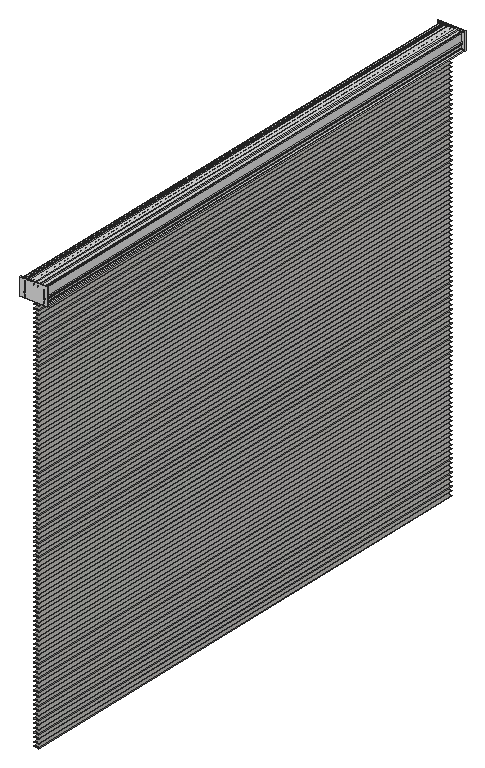
Revit family "BTBC090カーテン・ブラインド（別途）", category 一般モデル, Revit 2022
Family settings
  鉄筋をホスト可能 = いいえ
  丸型コネクタ寸法 = 直径を使用
  パーツ タイプ = 標準
  作業面ベース = はい
  常に垂直 = はい
  ロード時にボイドで切り取り = いいえ
  注釈の向きを維持 = いいえ
  共有 = いいえ
  部屋計算ポイント = いいえ
Parameters
  説明 = "㈱ツヅキ ボックストップ"
  製造元 = "㈱ツヅキ"
  色 = アルミニウム 6063S-T5 シルバー(R) (株)ツヅキ BT
  Default Elevation = 1219.2 mm
  ベネシャンブラインド表示/非表示 = yes
  ベネシャンブラインドスラット角度 = 0.00°
  バーチカルブラインド表示/非表示 = no
  カーテン開口率 = 50
  カーテン表示/非表示 = no
  カーテン・ブラインド長さ = L寸法 - 30 mm  # 2470 mm
  ブラインド スラット角度 = 15.00°
  カーテン・ブラインド高さ = 2000 mm
  カーテン・ブラインド 色 = ファブリック
  URL = "https://tuzuki.co.jp/cad/boxtop-cad/"
  L寸法 = 2500 mm
Reference planes
  plane 1 "中心(正面/背面)": y = 0
  plane 2: z = 0
  plane 3 "中心(左/右)": x = 0
  plane 4: y = -2500
  plane 5: x = -60
  plane 6: x = 60
  plane 7: y = -2502
  plane 8: y = 2
  plane 9: y = -2450
  plane 10 "カーテン取付レベル": z = 63.6
  plane 11: z = -1936.4
  plane 12: y = -2485
Forms (mm)
  Extrusion 1, solid, material "アルミニウム 6063S-T5 シルバー(R) (株)ツヅキ BT" <- "色"
    sketch origin (0, 0, 0) x (1, 0, 0) y (0, 0, 1)
      loop
        line (-65, 0) -> (65, 0) -> (65, 84.8) -> (-65, 84.8) -> (-65, 0)
    from 0 to -2
  Extrusion 2, solid, material "アルミニウム 6063S-T5 シルバー(R) (株)ツヅキ BT" <- "色"
    sketch origin (0, -1013.199, 0) x (1, 0, 0) y (0, 0, 1)
      loop
        line (-65, 0) -> (65, 0) -> (65, 84.8) -> (-65, 84.8) -> (-65, 0)
    from 1488.801 to 1486.801
  Extrusion 3, solid, material "アルミニウム 6063S-T5 シルバー(R) (株)ツヅキ BT" <- "色"
    sketch origin (0, 0, 0) x (1, 0, 0) y (0, 0, 1)
      loop
        line (45, 19.6) -> (45, 0) -> (65, 0) -> (65, 5) -> (62, 5) -> (62, 3.7) -> (63.7, 3.7) -> (63.7, 1.5) -> (46.4, 1.5) -> (46.4, 3.7) -> (48, 3.7) -> (48, 5) -> (46.4, 5) -> (46.4, 19.7) -> (51.7, 19.7) -> (51.7, 20.874)
        arc (51.7, 20.874) -> (51.141, 21.761) -> (50.099, 21.638) r 0.983
        arc (50.099, 21.638) -> (47.25, 23) -> (50.099, 24.362) r 1.75
        arc (50.099, 24.362) -> (51.141, 24.239) -> (51.7, 25.126) r 0.983
        line (51.7, 25.126) -> (51.7, 33) -> (50.5, 33) -> (50.3, 25.979)
        arc (50.3, 25.979) -> (48.703, 26.236) -> (47.18, 25.693) r 3.25
        arc (47.18, 25.693) -> (46.665, 25.665) -> (46.4, 26.107) r 0.5
        line (46.4, 26.107) -> (46.4, 73.593)
        arc (46.4, 73.593) -> (46.665, 74.035) -> (47.18, 74.007) r 0.5
        arc (47.18, 74.007) -> (49.24, 73.459) -> (51.197, 74.305) r 3.25
        arc (51.197, 74.305) -> (51.243, 75.365) -> (50.183, 75.411) r 0.75
        arc (50.183, 75.411) -> (47.25, 76.7) -> (50.183, 77.989) r 1.75
        arc (50.183, 77.989) -> (51.107, 77.919) -> (51.395, 78.8) r 0.75
        line (51.395, 78.8) -> (54.8, 78.8) -> (54.8, 77.673) -> (56.595, 78.592)
        arc (56.595, 78.592) -> (56.979, 79.43) -> (56.255, 80) r 0.745
        line (56.255, 80) -> (33, 80) -> (33, 84.8) -> (27, 84.8) -> (27, 83.5) -> (31.6, 83.5) -> (31.6, 80) -> (-31.6, 80) -> (-31.6, 83.5) -> (-27, 83.5) -> (-27, 84.8) -> (-33, 84.8) -> (-33, 80) -> (-56.255, 80)
        arc (-56.255, 80) -> (-56.979, 79.43) -> (-56.595, 78.592) r 0.745
        line (-56.595, 78.592) -> (-54.8, 77.673) -> (-54.8, 78.8) -> (-51.395, 78.8)
        arc (-51.395, 78.8) -> (-51.107, 77.919) -> (-50.183, 77.989) r 0.75
        arc (-50.183, 77.989) -> (-47.25, 76.7) -> (-50.183, 75.411) r 1.75
        arc (-50.183, 75.411) -> (-51.243, 75.365) -> (-51.197, 74.305) r 0.75
        arc (-51.197, 74.305) -> (-49.24, 73.459) -> (-47.18, 74.007) r 3.25
        arc (-47.18, 74.007) -> (-46.665, 74.035) -> (-46.4, 73.593) r 0.5
        line (-46.4, 73.593) -> (-46.4, 26.107)
        arc (-46.4, 26.107) -> (-46.665, 25.665) -> (-47.18, 25.693) r 0.5
        arc (-47.18, 25.693) -> (-48.703, 26.236) -> (-50.3, 25.979) r 3.25
        line (-50.3, 25.979) -> (-50.5, 33) -> (-51.7, 33) -> (-51.7, 25.126)
        arc (-51.7, 25.126) -> (-51.141, 24.239) -> (-50.099, 24.362) r 0.983
        arc (-50.099, 24.362) -> (-47.25, 23) -> (-50.099, 21.638) r 1.75
        arc (-50.099, 21.638) -> (-51.141, 21.761) -> (-51.7, 20.874) r 0.983
        line (-51.7, 20.874) -> (-51.7, 19.7) -> (-46.4, 19.7) -> (-46.4, 5) -> (-48, 5) -> (-48, 3.7) -> (-46.4, 3.7) -> (-46.4, 1.5) -> (-63.7, 1.5) -> (-63.7, 3.7) -> (-62, 3.7) -> (-62, 5) -> (-65, 5) -> (-65, 0) -> (-45, 0) -> (-45, 19.6) -> (-42.4, 19.6) -> (-42.4, 15.6) -> (-43.334, 15.6) -> (-41.2, 13.741) -> (-41.2, 21) -> (-45, 21) -> (-45, 78.6) -> (-19.5, 78.6) -> (-19.5, 70.6) -> (-13.5, 70.6) -> (-13.5, 71.9) -> (-18.1, 71.9) -> (-18.1, 78.6) -> (-0.7, 78.6) -> (-0.7, 71.9) -> (-6.5, 71.9) -> (-6.5, 70.6) -> (6.5, 70.6) -> (6.5, 71.9) -> (0.7, 71.9) -> (0.7, 78.6) -> (18.1, 78.6) -> (18.1, 71.9) -> (13.5, 71.9) -> (13.5, 70.6) -> (19.5, 70.6) -> (19.5, 78.6) -> (45, 78.6) -> (45, 21) -> (41.2, 21) -> (41.2, 13.741) -> (43.334, 15.6) -> (42.4, 15.6) -> (42.4, 19.6) -> (45, 19.6)
    from 0 to 2500
Dimensions and locks
  equal spacing: plane 6, plane 3 "中心(左/右)", plane 5
  plane 6 to plane 5 = 120 mm
  "L寸法": plane 4 to plane 1 "中心(正面/背面)"  (x2)
  locked: plane 4 to plane 7 at 2
  locked: plane 1 "中心(正面/背面)" to plane 8 at 2
  locked: plane 4 to plane 9 at 50
  "カーテン・ブラインド高さ": plane 10 "カーテン取付レベル" to plane 11
  locked: plane 4 to plane 12 at 15
  aligned and locked: level to plane 2
  aligned and locked: Extrusion 2 to plane 4
  aligned and locked: plane 1 "中心(正面/背面)" to Extrusion 1
  aligned and locked: plane 8 to Extrusion 1
  aligned and locked: plane 7 to Extrusion 2
  aligned and locked: nested 1 to plane 3 "中心(左/右)"
  aligned and locked: plane 10 "カーテン取付レベル" to nested 1
  aligned and locked: nested 1 to plane 9
  aligned and locked: plane 12 to nested 2
  aligned and locked: plane 10 "カーテン取付レベル" to nested 2
  aligned and locked: plane 11 to nested 2
  aligned and locked: nested 2 to plane 3 "中心(左/右)"
  aligned and locked: plane 10 "カーテン取付レベル" to nested 3
  aligned and locked: nested 3 to plane 12
  aligned and locked: Extrusion 3 to plane 1 "中心(正面/背面)"
  aligned and locked: plane 4 to Extrusion 3
Automatic sketch dimensions
  Extrusion 1 sketch curve to level = 0 mm
  Extrusion 1 sketch curve to plane 5 = 5 mm
  plane 6 to Extrusion 1 sketch curve = 5 mm
  level to Extrusion 1 sketch curve = 84.8 mm
  Extrusion 2 sketch curve to level = 0 mm
  Extrusion 2 sketch curve to plane 5 = 5 mm
  plane 6 to Extrusion 2 sketch curve = 5 mm
  level to Extrusion 2 sketch curve = 84.8 mm
  Extrusion 3 sketch curve to Extrusion 3 sketch curve = 0 mm  (x24)
  Extrusion 3 sketch curve to level = 0 mm  (x2)
  Extrusion 3 sketch curve to plane 5 = 5 mm
  Extrusion 3 sketch curve to Extrusion 3 sketch curve = 1.3 mm  (x12)
  Extrusion 3 sketch curve to plane 5 = 2 mm
  plane 5 to Extrusion 3 sketch curve = 3.405 mm
  Extrusion 3 sketch curve to Extrusion 3 sketch curve = 0.34 mm  (x2)
  Extrusion 3 sketch curve to Extrusion 3 sketch curve = 1.795 mm
  plane 5 to Extrusion 3 sketch curve = 8.3 mm
  Extrusion 3 sketch curve to Extrusion 3 sketch curve = 3.405 mm  (x2)
  Extrusion 3 sketch curve to Extrusion 3 sketch curve = 0.983 mm  (x4)
  Extrusion 3 sketch curve to Extrusion 3 sketch curve = 0.704 mm  (x3)
  Extrusion 3 sketch curve to Extrusion 3 sketch curve = 1.2 mm  (x3)
  Extrusion 3 sketch curve to Extrusion 3 sketch curve = 0.417 mm  (x2)
  Extrusion 3 sketch curve to Extrusion 3 sketch curve = 1.69 mm  (x3)
  Extrusion 3 sketch curve to Extrusion 3 sketch curve = 1.717 mm  (x2)
  level to Extrusion 3 sketch curve = 3.7 mm
  plane 5 to Extrusion 3 sketch curve = 12 mm
  Extrusion 3 sketch curve to Extrusion 3 sketch curve = 2.1 mm  (x3)
  Extrusion 3 sketch curve to Extrusion 3 sketch curve = 3.4 mm
  Extrusion 3 sketch curve to Extrusion 3 sketch curve = 2.6 mm  (x2)
  Extrusion 3 sketch curve to Extrusion 3 sketch curve = 0.5 mm  (x3)
  Extrusion 3 sketch curve to Extrusion 3 sketch curve = 1.666 mm
  Extrusion 3 sketch curve to Extrusion 3 sketch curve = 12 mm  (x2)
  Extrusion 3 sketch curve to Extrusion 3 sketch curve = 1.4 mm  (x9)
  Extrusion 3 sketch curve to Extrusion 3 sketch curve = 4.6 mm  (x4)
  plane 10 "カーテン取付レベル" to Extrusion 3 sketch curve = 7 mm  (x3)
  Extrusion 3 sketch curve to Extrusion 3 sketch curve = 7.5 mm  (x2)
  Extrusion 3 sketch curve to plane 3 "中心(左/右)" = 6.5 mm
  Extrusion 3 sketch curve to plane 3 "中心(左/右)" = 0.7 mm
  plane 3 "中心(左/右)" to Extrusion 3 sketch curve = 0.7 mm
  Extrusion 3 sketch curve to Extrusion 3 sketch curve = 5.8 mm
  Extrusion 3 sketch curve to Extrusion 3 sketch curve = 7 mm
  Extrusion 3 sketch curve to plane 6 = 18.8 mm
  Extrusion 3 sketch curve to Extrusion 3 sketch curve = 0.934 mm
  Extrusion 3 sketch curve to Extrusion 3 sketch curve = 1.6 mm
  Extrusion 3 sketch curve to Extrusion 3 sketch curve = 0.2 mm
  Extrusion 3 sketch curve to Extrusion 3 sketch curve = 1.455 mm
  plane 6 to Extrusion 3 sketch curve = 2 mm
  Extrusion 3 sketch curve to Extrusion 3 sketch curve = 1.7 mm
  level to Extrusion 3 sketch curve = 1.5 mm  (x2)
  Extrusion 3 sketch curve to Extrusion 3 sketch curve = 2.2 mm  (x3)
  Extrusion 3 sketch curve to Extrusion 3 sketch curve = 8.741 mm  (x2)
  Extrusion 3 sketch curve to Extrusion 3 sketch curve = 1.859 mm  (x2)
  Extrusion 3 sketch curve to Extrusion 3 sketch curve = 4 mm  (x2)
  Extrusion 3 sketch curve to Extrusion 3 sketch curve = 0.1 mm  (x2)
  Extrusion 3 sketch curve to Extrusion 3 sketch curve = 1.174 mm  (x2)
  Extrusion 3 sketch curve to Extrusion 3 sketch curve = 2.126 mm  (x4)
  Extrusion 3 sketch curve to Extrusion 3 sketch curve = 0.852 mm  (x2)
  Extrusion 3 sketch curve to Extrusion 3 sketch curve = 0.128 mm  (x2)
  Extrusion 3 sketch curve to Extrusion 3 sketch curve = 7.021 mm  (x2)
  plane 10 "カーテン取付レベル" to Extrusion 3 sketch curve = 9.993 mm  (x2)
  Extrusion 3 sketch curve to Extrusion 3 sketch curve = 1.265 mm  (x2)
  Extrusion 3 sketch curve to Extrusion 3 sketch curve = 1.842 mm  (x4)
  Extrusion 3 sketch curve to Extrusion 3 sketch curve = 2.815 mm  (x2)
  Extrusion 3 sketch curve to Extrusion 3 sketch curve = 0.92 mm  (x2)
  Extrusion 3 sketch curve to Extrusion 3 sketch curve = 6.7 mm
  Extrusion 3 sketch curve to Extrusion 3 sketch curve = 1.127 mm  (x2)
  Extrusion 3 sketch curve to Extrusion 3 sketch curve = 0.663 mm  (x2)
  Extrusion 3 sketch curve to Extrusion 3 sketch curve = 3.5 mm  (x2)
  Extrusion 3 sketch curve to Extrusion 3 sketch curve = 0.507 mm  (x2)
Nested families
  nested 1: "バーチカルブラインド（別途）" at (0, -2450, 63.6) x (-1, 0, 0) z (0, 0, -1), type "バーチカルブラインド（別途）"
    with 表示・非表示 no, ブラインド長さ 2470 mm, スラット枚数 25
  nested 2: "カーテン（別途）" at (0, -2485, 63.6) x (0, 1, 0) z (0, 0, 1), type "カーテン（別途）"
    with 開口率 調整 50, 開口率 50, 長さ 2470 mm, カーテン表示 no, カーテン畳み代 1235 mm, カーテン幅 100 mm
  nested 3: "ベネシャンブラインド（別途）" at (0, -15, 63.6) x (-1, 0, 0) z (0, 0, 1), visible <- "ベネシャンブラインド表示/非表示", type "ベネシャンブラインド（別途）"
    with ブラインド長さ 2470 mm, スラット角度 0.00°
Definition of nested family "ベネシャンブラインド（別途）"
  Parameters (values of type "ベネシャンブラインド（別途）")
    スラットピッチ = 20 mm
    表示非表示 = yes
    ブラインド高さ = 2000 mm
    ブラインド長さ = 1200 mm
    スラット角度 = 60.00°
    Default Elevation = 0 mm
    スラット色 = none
    スラット枚数 = (ブラインド高さ - 50 mm) / スラットピッチ  # 98
  Reference planes
    plane 1 "中心(正面/背面)": y = 0
    plane 2: z = 0
    plane 3 "中心(左/右)": x = 0
    plane 4: y = 1200
    plane 5: z = -44.577
    plane 6: z = -64.577
    plane 7: z = -84.577
    plane 8: z = -104.577
    plane 9: z = -124.577
    plane 10: z = -144.577
    plane 11: z = -164.577
    plane 12: z = -184.577
    plane 13: z = -204.577
    plane 14: z = -224.577
    plane 15: z = -244.577
    plane 16: z = -264.577
    plane 17: z = -284.577
    plane 18: z = -304.577
    plane 19: z = -324.577
    plane 20: z = -344.577
    plane 21: z = -364.577
    plane 22: z = -384.577
    plane 23: z = -404.577
    plane 24: z = -424.577
    plane 25: z = -444.577
    plane 26: z = -464.577
    plane 27: z = -484.577
    plane 28: z = -504.577
    plane 29: z = -524.577
    plane 30: z = -544.577
    plane 31: z = -564.577
    plane 32: z = -584.577
    plane 33: z = -604.577
    plane 34: z = -624.577
    plane 35: z = -644.577
    plane 36: z = -664.577
    plane 37: z = -684.577
    plane 38: z = -704.577
    plane 39: z = -724.577
    plane 40: z = -744.577
    plane 41: z = -764.577
    plane 42: z = -784.577
    plane 43: z = -804.577
    plane 44: z = -824.577
    plane 45: z = -844.577
    plane 46: z = -864.577
    plane 47: z = -884.577
    plane 48: z = -904.577
    plane 49: z = -924.577
    plane 50: z = -944.577
    plane 51: z = -964.577
    plane 52: z = -984.577
    plane 53: z = -1004.577
    plane 54: z = -1024.577
    plane 55: z = -1044.577
    plane 56: z = -1064.577
    plane 57: z = -1084.577
    plane 58: z = -1104.577
    plane 59: z = -1124.577
    plane 60: z = -1144.577
    plane 61: z = -1164.577
    plane 62: z = -1184.577
    plane 63: z = -1204.577
    plane 64: z = -1224.577
    plane 65: z = -1244.577
    plane 66: z = -1264.577
    plane 67: z = -1284.577
    plane 68: z = -1304.577
    plane 69: z = -1324.577
    plane 70: z = -1344.577
    plane 71: z = -1364.577
    plane 72: z = -1384.577
    plane 73: z = -1404.577
    plane 74: z = -1424.577
    plane 75: z = -1444.577
    plane 76: z = -1464.577
    plane 77: z = -1484.577
    plane 78: z = -1504.577
    plane 79: z = -1524.577
    plane 80: z = -1544.577
    plane 81: z = -1564.577
    plane 82: z = -1584.577
    plane 83: z = -1604.577
    plane 84: z = -1624.577
    plane 85: z = -1644.577
    plane 86: z = -1664.577
    plane 87: z = -1684.577
    plane 88: z = -1704.577
    plane 89: z = -1724.577
    plane 90: z = -1744.577
    plane 91: z = -1764.577
    plane 92: z = -1784.577
    plane 93: z = -1804.577
    plane 94: z = -1824.577
    plane 95: z = -1844.577
    plane 96: z = -1864.577
    plane 97: z = -1884.577
    plane 98: z = -1904.577
    plane 99: z = -1924.577
    plane 100: z = -1944.577
    plane 101: z = -1964.577
    plane 102: z = -1984.577
  Forms (mm)
    Extrusion 1, solid, material <- "スラット色", visible <- "表示非表示"
      sketch origin (0, 0, 0) x (1, 0, 0) y (0, 0, 1)
        loop
          line (-27, 0) -> (-27, -37) -> (27, -37) -> (27, 0) -> (-27, 0)
      from -1200 to 0
  Dimensions and locks
    equal spacing: group 1, group 2, group 3, group 4, group 5, group 6, group 7, group 8, group 9, group 10, group 11, group 12, group 13, group 14, group 15, group 16, group 17, group 18, group 19, group 20, group 21, group 22, group 23, group 24, group 25, group 26, group 27, group 28, group 29, group 30, group 31, group 32, group 33, group 34, group 35, group 36, group 37, group 38, group 39, group 40, group 41, group 42, group 43, group 44, group 45, group 46, group 47, group 48, group 49, group 50, group 51, group 52, group 53, group 54, group 55, group 56, group 57, group 58, group 59, group 60, group 61, group 62, group 63, group 64, group 65, group 66, group 67, group 68, group 69, group 70, group 71, group 72, group 73, group 74, group 75, group 76, group 77, group 78, group 79, group 80, group 81, group 82, group 83, group 84, group 85, group 86, group 87, group 88, group 89, group 90, group 91, group 92, group 93, group 94, group 95, group 96, group 97, group 98  (x2)
    equal spacing: group 98, group 97, group 96, group 95, group 94, group 93, group 92, group 91, group 90, group 89, group 88, group 87, group 86, group 85, group 84, group 83, group 82, group 81, group 80, group 79, group 78, group 77, group 76, group 75, group 74, group 73, group 72, group 71, group 70, group 69, group 68, group 67, group 66, group 65, group 64, group 63, group 62, group 61, group 60, group 59, group 58, group 57, group 56, group 55, group 54, group 53, group 52, group 51, group 50, group 49, group 48, group 47, group 46, group 45, group 44, group 43, group 42, group 41, group 40, group 39, group 38, group 37, group 36, group 35, group 34, group 33, group 32, group 31, group 30, group 29, group 28, group 27, group 26, group 25, group 24, group 23, group 22, group 21, group 20, group 19, group 18, group 17, group 16, group 15, group 14, group 13, group 12, group 11, group 10, group 9, group 8, group 7, group 6, group 5, group 4, group 3, group 2, group 1
    "ブラインド長さ": plane 1 "中心(正面/背面)" to plane 4
    "スラットピッチ": plane 5 to plane 6
    aligned and locked: level to plane 2
    aligned and locked: nested 1 to plane 4
    aligned and locked: nested 1 to Extrusion 1
    aligned and locked: plane 1 "中心(正面/背面)" to Extrusion 1
    aligned and locked: Extrusion 1 to plane 1 "中心(正面/背面)"
    aligned and locked: Extrusion 1 to plane 4
    aligned and locked: nested 1 to plane 5
    aligned and locked: nested 2 to plane 6
    aligned and locked: nested 3 to plane 7
    aligned and locked: nested 4 to plane 8
    aligned and locked: nested 5 to plane 9
    aligned and locked: nested 6 to plane 10
    aligned and locked: nested 7 to plane 11
    aligned and locked: nested 8 to plane 12
    aligned and locked: nested 9 to plane 13
    aligned and locked: nested 10 to plane 14
    aligned and locked: nested 11 to plane 15
    aligned and locked: nested 12 to plane 16
    aligned and locked: nested 13 to plane 17
    aligned and locked: nested 14 to plane 18
    aligned and locked: nested 15 to plane 19
    aligned and locked: nested 16 to plane 20
    aligned and locked: nested 17 to plane 21
    aligned and locked: nested 18 to plane 22
    aligned and locked: nested 19 to plane 23
    aligned and locked: nested 20 to plane 24
    aligned and locked: nested 21 to plane 25
    aligned and locked: nested 22 to plane 26
    aligned and locked: nested 23 to plane 27
    aligned and locked: nested 24 to plane 28
    aligned and locked: nested 25 to plane 29
    aligned and locked: nested 26 to plane 30
    aligned and locked: nested 27 to plane 31
    aligned and locked: nested 28 to plane 32
    aligned and locked: nested 29 to plane 33
    aligned and locked: nested 30 to plane 34
    aligned and locked: nested 31 to plane 35
    aligned and locked: nested 32 to plane 36
    aligned and locked: nested 33 to plane 37
    aligned and locked: nested 34 to plane 38
    aligned and locked: nested 35 to plane 39
    aligned and locked: nested 36 to plane 40
    aligned and locked: nested 37 to plane 41
    aligned and locked: nested 38 to plane 42
    aligned and locked: nested 39 to plane 43
    aligned and locked: nested 40 to plane 44
    aligned and locked: nested 41 to plane 45
    aligned and locked: nested 42 to plane 46
    aligned and locked: nested 43 to plane 47
    aligned and locked: nested 44 to plane 48
    aligned and locked: nested 45 to plane 49
    aligned and locked: nested 46 to plane 50
    aligned and locked: nested 47 to plane 51
    aligned and locked: nested 48 to plane 52
    aligned and locked: nested 49 to plane 53
    aligned and locked: nested 50 to plane 54
    aligned and locked: nested 51 to plane 55
    aligned and locked: nested 52 to plane 56
    aligned and locked: nested 53 to plane 57
    aligned and locked: nested 54 to plane 58
    aligned and locked: nested 55 to plane 59
    aligned and locked: nested 56 to plane 60
    aligned and locked: nested 57 to plane 61
    aligned and locked: nested 58 to plane 62
    aligned and locked: nested 59 to plane 63
    aligned and locked: nested 60 to plane 64
    aligned and locked: nested 61 to plane 65
    aligned and locked: nested 62 to plane 66
    aligned and locked: nested 63 to plane 67
    aligned and locked: nested 64 to plane 68
    aligned and locked: nested 65 to plane 69
    aligned and locked: nested 66 to plane 70
    aligned and locked: nested 67 to plane 71
    aligned and locked: nested 68 to plane 72
    aligned and locked: nested 69 to plane 73
    aligned and locked: nested 70 to plane 74
    aligned and locked: nested 71 to plane 75
    aligned and locked: nested 72 to plane 76
    aligned and locked: nested 73 to plane 77
    aligned and locked: nested 74 to plane 78
    aligned and locked: nested 75 to plane 79
    aligned and locked: nested 76 to plane 80
    aligned and locked: nested 77 to plane 81
    aligned and locked: nested 78 to plane 82
    aligned and locked: nested 79 to plane 83
    aligned and locked: nested 80 to plane 84
    aligned and locked: nested 81 to plane 85
    aligned and locked: nested 82 to plane 86
    aligned and locked: nested 83 to plane 87
    aligned and locked: nested 84 to plane 88
    aligned and locked: nested 85 to plane 89
    aligned and locked: nested 86 to plane 90
    aligned and locked: nested 87 to plane 91
    aligned and locked: nested 88 to plane 92
    aligned and locked: nested 89 to plane 93
    aligned and locked: nested 90 to plane 94
    aligned and locked: nested 91 to plane 95
    aligned and locked: nested 92 to plane 96
    aligned and locked: nested 93 to plane 97
    aligned and locked: nested 94 to plane 98
    aligned and locked: nested 95 to plane 99
    aligned and locked: nested 96 to plane 100
    aligned and locked: nested 97 to plane 101
    aligned and locked: nested 98 to plane 102
  Automatic sketch dimensions
    Extrusion 1 sketch curve to level = 0 mm
    Extrusion 1 sketch curve to plane 3 "中心(左/右)" = 27 mm
    plane 3 "中心(左/右)" to Extrusion 1 sketch curve = 27 mm
    Extrusion 1 sketch curve to level = 37 mm
  Nested families
    nested 1: "スラットB" at (0, 0, -55.414), visible <- "表示非表示", type "スラットB"
      with 角度 60.00°, スラット長さ 1200 mm
    nested 2: "スラットB" at (0, 0, -75.414), visible <- "表示非表示", type "スラットB"
      with 角度 60.00°, スラット長さ 1200 mm
    nested 3: "スラットB" at (0, 0, -95.414), visible <- "表示非表示", type "スラットB"
      with 角度 60.00°, スラット長さ 1200 mm
    nested 4: "スラットB" at (0, 0, -115.414), visible <- "表示非表示", type "スラットB"
      with 角度 60.00°, スラット長さ 1200 mm
    nested 5: "スラットB" at (0, 0, -135.414), visible <- "表示非表示", type "スラットB"
      with 角度 60.00°, スラット長さ 1200 mm
    nested 6: "スラットB" at (0, 0, -155.414), visible <- "表示非表示", type "スラットB"
      with 角度 60.00°, スラット長さ 1200 mm
    nested 7: "スラットB" at (0, 0, -175.414), visible <- "表示非表示", type "スラットB"
      with 角度 60.00°, スラット長さ 1200 mm
    nested 8: "スラットB" at (0, 0, -195.414), visible <- "表示非表示", type "スラットB"
      with 角度 60.00°, スラット長さ 1200 mm
    nested 9: "スラットB" at (0, 0, -215.414), visible <- "表示非表示", type "スラットB"
      with 角度 60.00°, スラット長さ 1200 mm
    nested 10: "スラットB" at (0, 0, -235.414), visible <- "表示非表示", type "スラットB"
      with 角度 60.00°, スラット長さ 1200 mm
    nested 11: "スラットB" at (0, 0, -255.414), visible <- "表示非表示", type "スラットB"
      with 角度 60.00°, スラット長さ 1200 mm
    nested 12: "スラットB" at (0, 0, -275.414), visible <- "表示非表示", type "スラットB"
      with 角度 60.00°, スラット長さ 1200 mm
    nested 13: "スラットB" at (0, 0, -295.414), visible <- "表示非表示", type "スラットB"
      with 角度 60.00°, スラット長さ 1200 mm
    nested 14: "スラットB" at (0, 0, -315.414), visible <- "表示非表示", type "スラットB"
      with 角度 60.00°, スラット長さ 1200 mm
    nested 15: "スラットB" at (0, 0, -335.414), visible <- "表示非表示", type "スラットB"
      with 角度 60.00°, スラット長さ 1200 mm
    nested 16: "スラットB" at (0, 0, -355.414), visible <- "表示非表示", type "スラットB"
      with 角度 60.00°, スラット長さ 1200 mm
    nested 17: "スラットB" at (0, 0, -375.414), visible <- "表示非表示", type "スラットB"
      with 角度 60.00°, スラット長さ 1200 mm
    nested 18: "スラットB" at (0, 0, -395.414), visible <- "表示非表示", type "スラットB"
      with 角度 60.00°, スラット長さ 1200 mm
    nested 19: "スラットB" at (0, 0, -415.414), visible <- "表示非表示", type "スラットB"
      with 角度 60.00°, スラット長さ 1200 mm
    nested 20: "スラットB" at (0, 0, -435.414), visible <- "表示非表示", type "スラットB"
      with 角度 60.00°, スラット長さ 1200 mm
    nested 21: "スラットB" at (0, 0, -455.414), visible <- "表示非表示", type "スラットB"
      with 角度 60.00°, スラット長さ 1200 mm
    nested 22: "スラットB" at (0, 0, -475.414), visible <- "表示非表示", type "スラットB"
      with 角度 60.00°, スラット長さ 1200 mm
    nested 23: "スラットB" at (0, 0, -495.414), visible <- "表示非表示", type "スラットB"
      with 角度 60.00°, スラット長さ 1200 mm
    nested 24: "スラットB" at (0, 0, -515.414), visible <- "表示非表示", type "スラットB"
      with 角度 60.00°, スラット長さ 1200 mm
    nested 25: "スラットB" at (0, 0, -535.414), visible <- "表示非表示", type "スラットB"
      with 角度 60.00°, スラット長さ 1200 mm
    nested 26: "スラットB" at (0, 0, -555.414), visible <- "表示非表示", type "スラットB"
      with 角度 60.00°, スラット長さ 1200 mm
    nested 27: "スラットB" at (0, 0, -575.414), visible <- "表示非表示", type "スラットB"
      with 角度 60.00°, スラット長さ 1200 mm
    nested 28: "スラットB" at (0, 0, -595.414), visible <- "表示非表示", type "スラットB"
      with 角度 60.00°, スラット長さ 1200 mm
    nested 29: "スラットB" at (0, 0, -615.414), visible <- "表示非表示", type "スラットB"
      with 角度 60.00°, スラット長さ 1200 mm
    nested 30: "スラットB" at (0, 0, -635.414), visible <- "表示非表示", type "スラットB"
      with 角度 60.00°, スラット長さ 1200 mm
    nested 31: "スラットB" at (0, 0, -655.414), visible <- "表示非表示", type "スラットB"
      with 角度 60.00°, スラット長さ 1200 mm
    nested 32: "スラットB" at (0, 0, -675.414), visible <- "表示非表示", type "スラットB"
      with 角度 60.00°, スラット長さ 1200 mm
    nested 33: "スラットB" at (0, 0, -695.414), visible <- "表示非表示", type "スラットB"
      with 角度 60.00°, スラット長さ 1200 mm
    nested 34: "スラットB" at (0, 0, -715.414), visible <- "表示非表示", type "スラットB"
      with 角度 60.00°, スラット長さ 1200 mm
    nested 35: "スラットB" at (0, 0, -735.414), visible <- "表示非表示", type "スラットB"
      with 角度 60.00°, スラット長さ 1200 mm
    nested 36: "スラットB" at (0, 0, -755.414), visible <- "表示非表示", type "スラットB"
      with 角度 60.00°, スラット長さ 1200 mm
    nested 37: "スラットB" at (0, 0, -775.414), visible <- "表示非表示", type "スラットB"
      with 角度 60.00°, スラット長さ 1200 mm
    nested 38: "スラットB" at (0, 0, -795.414), visible <- "表示非表示", type "スラットB"
      with 角度 60.00°, スラット長さ 1200 mm
    nested 39: "スラットB" at (0, 0, -815.414), visible <- "表示非表示", type "スラットB"
      with 角度 60.00°, スラット長さ 1200 mm
    nested 40: "スラットB" at (0, 0, -835.414), visible <- "表示非表示", type "スラットB"
      with 角度 60.00°, スラット長さ 1200 mm
    nested 41: "スラットB" at (0, 0, -855.414), visible <- "表示非表示", type "スラットB"
      with 角度 60.00°, スラット長さ 1200 mm
    nested 42: "スラットB" at (0, 0, -875.414), visible <- "表示非表示", type "スラットB"
      with 角度 60.00°, スラット長さ 1200 mm
    nested 43: "スラットB" at (0, 0, -895.414), visible <- "表示非表示", type "スラットB"
      with 角度 60.00°, スラット長さ 1200 mm
    nested 44: "スラットB" at (0, 0, -915.414), visible <- "表示非表示", type "スラットB"
      with 角度 60.00°, スラット長さ 1200 mm
    nested 45: "スラットB" at (0, 0, -935.414), visible <- "表示非表示", type "スラットB"
      with 角度 60.00°, スラット長さ 1200 mm
    nested 46: "スラットB" at (0, 0, -955.414), visible <- "表示非表示", type "スラットB"
      with 角度 60.00°, スラット長さ 1200 mm
    nested 47: "スラットB" at (0, 0, -975.414), visible <- "表示非表示", type "スラットB"
      with 角度 60.00°, スラット長さ 1200 mm
    nested 48: "スラットB" at (0, 0, -995.414), visible <- "表示非表示", type "スラットB"
      with 角度 60.00°, スラット長さ 1200 mm
    nested 49: "スラットB" at (0, 0, -1015.414), visible <- "表示非表示", type "スラットB"
      with 角度 60.00°, スラット長さ 1200 mm
    nested 50: "スラットB" at (0, 0, -1035.414), visible <- "表示非表示", type "スラットB"
      with 角度 60.00°, スラット長さ 1200 mm
    nested 51: "スラットB" at (0, 0, -1055.414), visible <- "表示非表示", type "スラットB"
      with 角度 60.00°, スラット長さ 1200 mm
    nested 52: "スラットB" at (0, 0, -1075.414), visible <- "表示非表示", type "スラットB"
      with 角度 60.00°, スラット長さ 1200 mm
    nested 53: "スラットB" at (0, 0, -1095.414), visible <- "表示非表示", type "スラットB"
      with 角度 60.00°, スラット長さ 1200 mm
    nested 54: "スラットB" at (0, 0, -1115.414), visible <- "表示非表示", type "スラットB"
      with 角度 60.00°, スラット長さ 1200 mm
    nested 55: "スラットB" at (0, 0, -1135.414), visible <- "表示非表示", type "スラットB"
      with 角度 60.00°, スラット長さ 1200 mm
    nested 56: "スラットB" at (0, 0, -1155.414), visible <- "表示非表示", type "スラットB"
      with 角度 60.00°, スラット長さ 1200 mm
    nested 57: "スラットB" at (0, 0, -1175.414), visible <- "表示非表示", type "スラットB"
      with 角度 60.00°, スラット長さ 1200 mm
    nested 58: "スラットB" at (0, 0, -1195.414), visible <- "表示非表示", type "スラットB"
      with 角度 60.00°, スラット長さ 1200 mm
    nested 59: "スラットB" at (0, 0, -1215.414), visible <- "表示非表示", type "スラットB"
      with 角度 60.00°, スラット長さ 1200 mm
    nested 60: "スラットB" at (0, 0, -1235.414), visible <- "表示非表示", type "スラットB"
      with 角度 60.00°, スラット長さ 1200 mm
    nested 61: "スラットB" at (0, 0, -1255.414), visible <- "表示非表示", type "スラットB"
      with 角度 60.00°, スラット長さ 1200 mm
    nested 62: "スラットB" at (0, 0, -1275.414), visible <- "表示非表示", type "スラットB"
      with 角度 60.00°, スラット長さ 1200 mm
    nested 63: "スラットB" at (0, 0, -1295.414), visible <- "表示非表示", type "スラットB"
      with 角度 60.00°, スラット長さ 1200 mm
    nested 64: "スラットB" at (0, 0, -1315.414), visible <- "表示非表示", type "スラットB"
      with 角度 60.00°, スラット長さ 1200 mm
    nested 65: "スラットB" at (0, 0, -1335.414), visible <- "表示非表示", type "スラットB"
      with 角度 60.00°, スラット長さ 1200 mm
    nested 66: "スラットB" at (0, 0, -1355.414), visible <- "表示非表示", type "スラットB"
      with 角度 60.00°, スラット長さ 1200 mm
    nested 67: "スラットB" at (0, 0, -1375.414), visible <- "表示非表示", type "スラットB"
      with 角度 60.00°, スラット長さ 1200 mm
    nested 68: "スラットB" at (0, 0, -1395.414), visible <- "表示非表示", type "スラットB"
      with 角度 60.00°, スラット長さ 1200 mm
    nested 69: "スラットB" at (0, 0, -1415.414), visible <- "表示非表示", type "スラットB"
      with 角度 60.00°, スラット長さ 1200 mm
    nested 70: "スラットB" at (0, 0, -1435.414), visible <- "表示非表示", type "スラットB"
      with 角度 60.00°, スラット長さ 1200 mm
    nested 71: "スラットB" at (0, 0, -1455.414), visible <- "表示非表示", type "スラットB"
      with 角度 60.00°, スラット長さ 1200 mm
    nested 72: "スラットB" at (0, 0, -1475.414), visible <- "表示非表示", type "スラットB"
      with 角度 60.00°, スラット長さ 1200 mm
    nested 73: "スラットB" at (0, 0, -1495.414), visible <- "表示非表示", type "スラットB"
      with 角度 60.00°, スラット長さ 1200 mm
    nested 74: "スラットB" at (0, 0, -1515.414), visible <- "表示非表示", type "スラットB"
      with 角度 60.00°, スラット長さ 1200 mm
    nested 75: "スラットB" at (0, 0, -1535.414), visible <- "表示非表示", type "スラットB"
      with 角度 60.00°, スラット長さ 1200 mm
    nested 76: "スラットB" at (0, 0, -1555.414), visible <- "表示非表示", type "スラットB"
      with 角度 60.00°, スラット長さ 1200 mm
    nested 77: "スラットB" at (0, 0, -1575.414), visible <- "表示非表示", type "スラットB"
      with 角度 60.00°, スラット長さ 1200 mm
    nested 78: "スラットB" at (0, 0, -1595.414), visible <- "表示非表示", type "スラットB"
      with 角度 60.00°, スラット長さ 1200 mm
    nested 79: "スラットB" at (0, 0, -1615.414), visible <- "表示非表示", type "スラットB"
      with 角度 60.00°, スラット長さ 1200 mm
    nested 80: "スラットB" at (0, 0, -1635.414), visible <- "表示非表示", type "スラットB"
      with 角度 60.00°, スラット長さ 1200 mm
    nested 81: "スラットB" at (0, 0, -1655.414), visible <- "表示非表示", type "スラットB"
      with 角度 60.00°, スラット長さ 1200 mm
    nested 82: "スラットB" at (0, 0, -1675.414), visible <- "表示非表示", type "スラットB"
      with 角度 60.00°, スラット長さ 1200 mm
    nested 83: "スラットB" at (0, 0, -1695.414), visible <- "表示非表示", type "スラットB"
      with 角度 60.00°, スラット長さ 1200 mm
    nested 84: "スラットB" at (0, 0, -1715.414), visible <- "表示非表示", type "スラットB"
      with 角度 60.00°, スラット長さ 1200 mm
    nested 85: "スラットB" at (0, 0, -1735.414), visible <- "表示非表示", type "スラットB"
      with 角度 60.00°, スラット長さ 1200 mm
    nested 86: "スラットB" at (0, 0, -1755.414), visible <- "表示非表示", type "スラットB"
      with 角度 60.00°, スラット長さ 1200 mm
    nested 87: "スラットB" at (0, 0, -1775.414), visible <- "表示非表示", type "スラットB"
      with 角度 60.00°, スラット長さ 1200 mm
    nested 88: "スラットB" at (0, 0, -1795.414), visible <- "表示非表示", type "スラットB"
      with 角度 60.00°, スラット長さ 1200 mm
    nested 89: "スラットB" at (0, 0, -1815.414), visible <- "表示非表示", type "スラットB"
      with 角度 60.00°, スラット長さ 1200 mm
    nested 90: "スラットB" at (0, 0, -1835.414), visible <- "表示非表示", type "スラットB"
      with 角度 60.00°, スラット長さ 1200 mm
    nested 91: "スラットB" at (0, 0, -1855.414), visible <- "表示非表示", type "スラットB"
      with 角度 60.00°, スラット長さ 1200 mm
    nested 92: "スラットB" at (0, 0, -1875.414), visible <- "表示非表示", type "スラットB"
      with 角度 60.00°, スラット長さ 1200 mm
    nested 93: "スラットB" at (0, 0, -1895.414), visible <- "表示非表示", type "スラットB"
      with 角度 60.00°, スラット長さ 1200 mm
    nested 94: "スラットB" at (0, 0, -1915.414), visible <- "表示非表示", type "スラットB"
      with 角度 60.00°, スラット長さ 1200 mm
    nested 95: "スラットB" at (0, 0, -1935.414), visible <- "表示非表示", type "スラットB"
      with 角度 60.00°, スラット長さ 1200 mm
    nested 96: "スラットB" at (0, 0, -1955.414), visible <- "表示非表示", type "スラットB"
      with 角度 60.00°, スラット長さ 1200 mm
    nested 97: "スラットB" at (0, 0, -1975.414), visible <- "表示非表示", type "スラットB"
      with 角度 60.00°, スラット長さ 1200 mm
    nested 98: "スラットB" at (0, 0, -1995.414), visible <- "表示非表示", type "スラットB"
      with 角度 60.00°, スラット長さ 1200 mm
  Definition of nested family "スラットB"
    Parameters (values of type "スラットB")
      角度 = 30.00°
      Default Elevation = 0 mm
      スラット長さ = 1100 mm
      スラット色 = none
    Reference planes
      plane 1 "中心(正面/背面)": y = 0
      plane 2: z = 0
      plane 3 "中心(左/右)": x = 0
      plane 4: y = 1100
    Forms (mm)
      Extrusion 1, solid, material <- "スラット色"
        sketch origin (0, 0, 0) x (0.866025, 0, 0.5) y (-0.5, 0, 0.866025)
          loop
            arc (-12.244, -0.735) -> (0, 1.28) -> (12.244, -0.735) r 38.2
            line (12.244, -0.735) -> (12.5, 0.023)
            arc (12.5, 0.023) -> (0, 2.08) -> (-12.5, 0.023) r 39
            line (-12.5, 0.023) -> (-12.244, -0.735)
        from 0 to -1100
    Lines and regions (mm)
      reference lines
        curve 1: line (0, 0, 0) -> (84.675, 0, 48.887)
    Dimensions and locks
      "スラット長さ": plane 1 "中心(正面/背面)" to plane 4
      "角度": angle plane 2 to curve 1
      aligned and locked: level to plane 2
      aligned and locked: plane 3 "中心(左/右)" to curve 1
      aligned and locked: Extrusion 1 to plane 4
    Automatic sketch dimensions
      Extrusion 1 sketch curve to Extrusion 1 sketch curve = 0 mm  (x4)
      Extrusion 1 sketch curve to Extrusion 1 sketch curve = 0.256 mm  (x2)
      curve 1 to level = 0 mm
      Extrusion 1 sketch curve to Extrusion 1 sketch curve = 12.244 mm
      Extrusion 1 sketch curve to Extrusion 1 sketch curve = 24.487 mm
      Extrusion 1 sketch curve to Extrusion 1 sketch curve = 36.185 mm
      Extrusion 1 sketch curve to Extrusion 1 sketch curve = 0.758 mm
      curve 1 to Extrusion 1 sketch curve = 0 mm
      Extrusion 1 sketch curve to curve 1 = 36.92 mm
Definition of nested family "カーテン（別途）"
  Parameters (values of type "カーテン（別途）")
    開口率 調整 = if(開口率 < 10, 10, if(開口率 > 100, 100, 開口率))  # 100
    開口率 = 100
    長さ = 4000 mm
    Default Elevation = 0 mm
    カーテン高さ = 2000 mm
    カーテン表示 = yes
    カーテン色 = none
    カーテン畳み代 = (開口率 調整 / 100) * (長さ)  # 4000 mm
    カーテン幅 = 150 mm
  Reference planes
    plane 1 "中心(正面/背面)": y = 0
    plane 2: z = 0
    plane 3 "中心(左/右)": x = 0
    plane 4: y = 70
    plane 5: y = -70
    plane 6: y = 75
    plane 7: y = -75
    plane 8: x = 200
    plane 9: x = 400
    plane 10: x = 4000
    plane 11: x = 600
    plane 12: x = 800
    plane 13: x = 1000
    plane 14: x = 1200
    plane 15: x = 1400
    plane 16: x = 1600
    plane 17: x = 1800
    plane 18: x = 2000
    plane 19: x = 2200
    plane 20: x = 2400
    plane 21: x = 2600
    plane 22: x = 2800
    plane 23: x = 3000
    plane 24: x = 3200
    plane 25: x = 3400
    plane 26: x = 3600
    plane 27: x = 3800
    plane 28: x = 4000
    plane 29: z = -2000
  Forms (mm)
    Sweep 1, solid, material <- "カーテン色", visible <- "カーテン表示"
      path origin (0, 0, 0) x (1, 0, 0) y (0, 1, 0)
        loop
          line (0, 75) -> (195.241, -71.533)
          arc (195.241, -71.533) -> (200, -75) -> (204.759, -71.533) r 5
          line (204.759, -71.533) -> (395.263, 71.6)
          arc (395.263, 71.6) -> (400, 75) -> (404.737, 71.6) r 5
          line (404.737, 71.6) -> (595.241, -71.533)
          arc (595.241, -71.533) -> (600, -75) -> (604.759, -71.533) r 5
          line (604.759, -71.533) -> (795.263, 71.6)
          arc (795.263, 71.6) -> (800, 75) -> (804.737, 71.6) r 5
          line (804.737, 71.6) -> (995.241, -71.533)
          arc (995.241, -71.533) -> (1000, -75) -> (1004.759, -71.533) r 5
          line (1004.759, -71.533) -> (1195.263, 71.6)
          arc (1195.263, 71.6) -> (1200, 75) -> (1204.737, 71.6) r 5
          line (1204.737, 71.6) -> (1395.241, -71.533)
          arc (1395.241, -71.533) -> (1400, -75) -> (1404.759, -71.533) r 5
          line (1404.759, -71.533) -> (1595.263, 71.6)
          arc (1595.263, 71.6) -> (1600, 75) -> (1604.737, 71.6) r 5
          line (1604.737, 71.6) -> (1795.241, -71.533)
          arc (1795.241, -71.533) -> (1800, -75) -> (1804.759, -71.533) r 5
          line (1804.759, -71.533) -> (1995.263, 71.6)
          arc (1995.263, 71.6) -> (2000, 75) -> (2004.737, 71.6) r 5
          line (2004.737, 71.6) -> (2195.241, -71.533)
          arc (2195.241, -71.533) -> (2200, -75) -> (2204.759, -71.533) r 5
          line (2204.759, -71.533) -> (2395.263, 71.6)
          arc (2395.263, 71.6) -> (2400, 75) -> (2404.737, 71.6) r 5
          line (2404.737, 71.6) -> (2595.241, -71.533)
          arc (2595.241, -71.533) -> (2600, -75) -> (2604.759, -71.533) r 5
          line (2604.759, -71.533) -> (2795.263, 71.6)
          arc (2795.263, 71.6) -> (2800, 75) -> (2804.737, 71.6) r 5
          line (2804.737, 71.6) -> (2995.241, -71.533)
          arc (2995.241, -71.533) -> (3000, -75) -> (3004.759, -71.533) r 5
          line (3004.759, -71.533) -> (3195.263, 71.6)
          arc (3195.263, 71.6) -> (3200, 75) -> (3204.737, 71.6) r 5
          line (3204.737, 71.6) -> (3395.241, -71.533)
          arc (3395.241, -71.533) -> (3400, -75) -> (3404.759, -71.533) r 5
          line (3404.759, -71.533) -> (3595.263, 71.6)
          arc (3595.263, 71.6) -> (3600, 75) -> (3604.737, 71.6) r 5
          line (3604.737, 71.6) -> (3795.241, -71.533)
          arc (3795.241, -71.533) -> (3800, -75) -> (3804.759, -71.533) r 5
          line (3804.759, -71.533) -> (4000, 75)
      profile origin (97.62, 1.733, 0) x (0.600269, 0.799799, 0) y (0, 0, 1)
        loop
          line (2, 0) -> (-1, 0) -> (-1, -2000) -> (2, -2000) -> (2, 0)
  Lines and regions (mm)
    reference lines
      curve 1: circle (200, -70, 0) r 5 normal (0, 0, 1)
      curve 2: circle (400, 70, 0) r 5 normal (0, 0, 1)
      curve 3: circle (600, -70, 0) r 5 normal (0, 0, 1)
      curve 4: circle (800, 70, 0) r 5 normal (0, 0, 1)
      curve 5: circle (1000, -70, 0) r 5 normal (0, 0, 1)
      curve 6: circle (1200, 70, 0) r 5 normal (0, 0, 1)
      curve 7: circle (1400, -70, 0) r 5 normal (0, 0, 1)
      curve 8: circle (1600, 70, 0) r 5 normal (0, 0, 1)
      curve 9: circle (1800, -70, 0) r 5 normal (0, 0, 1)
      curve 10: circle (2000, 70, 0) r 5 normal (0, 0, 1)
      curve 11: circle (2200, -70, 0) r 5 normal (0, 0, 1)
      curve 12: circle (2400, 70, 0) r 5 normal (0, 0, 1)
      curve 13: circle (2600, -70, 0) r 5 normal (0, 0, 1)
      curve 14: circle (2800, 70, 0) r 5 normal (0, 0, 1)
      curve 15: circle (3000, -70, 0) r 5 normal (0, 0, 1)
      curve 16: circle (3200, 70, 0) r 5 normal (0, 0, 1)
      curve 17: circle (3400, -70, 0) r 5 normal (0, 0, 1)
      curve 18: circle (3600, 70, 0) r 5 normal (0, 0, 1)
      curve 19: circle (3800, -70, 0) r 5 normal (0, 0, 1)
      curve 20: circle (4000, 70, 0) r 5 normal (0, 0, 1)
  Dimensions and locks
    equal spacing: plane 6, plane 1 "中心(正面/背面)", plane 7
    "カーテン幅": plane 6 to plane 7
    locked: plane 6 to plane 4 at 5
    locked: plane 5 to plane 7 at 5
    "長さ": plane 3 "中心(左/右)" to plane 10
    equal spacing: plane 3 "中心(左/右)", plane 8, plane 9, plane 11, plane 12, plane 13, plane 14, plane 15, plane 16, plane 17, plane 18, plane 19, plane 20, plane 21, plane 22, plane 23, plane 24, plane 25, plane 26, plane 27, plane 28
    "カーテン畳み代": plane 3 "中心(左/右)" to plane 28
    "カーテン高さ": level to plane 29
    aligned and locked: level to plane 2
    aligned and locked: plane 3 "中心(左/右)" to Sweep 1 sketch curve
    aligned and locked: plane 6 to Sweep 1 sketch curve
    aligned and locked: Sweep 1 sketch curve to plane 29
  Automatic sketch dimensions
    curve 1 to plane 5 = 0 mm
    curve 1 to plane 8 = 0 mm
    curve 2 to plane 4 = 0 mm
    curve 2 to plane 9 = 0 mm
    curve 3 to plane 5 = 0 mm
    curve 3 to plane 11 = 0 mm
    curve 4 to plane 4 = 0 mm
    curve 4 to plane 12 = 0 mm
    curve 5 to plane 5 = 0 mm
    curve 5 to plane 13 = 0 mm
    curve 6 to plane 4 = 0 mm
    curve 6 to plane 14 = 0 mm
    curve 7 to plane 5 = 0 mm
    curve 7 to plane 15 = 0 mm
    curve 8 to plane 4 = 0 mm
    curve 8 to plane 16 = 0 mm
    curve 9 to plane 5 = 0 mm
    curve 9 to plane 17 = 0 mm
    curve 10 to plane 4 = 0 mm
    curve 10 to plane 18 = 0 mm
    curve 11 to plane 5 = 0 mm
    curve 11 to plane 19 = 0 mm
    curve 12 to plane 4 = 0 mm
    curve 12 to plane 20 = 0 mm
    curve 13 to plane 5 = 0 mm
    curve 13 to plane 21 = 0 mm
    curve 14 to plane 4 = 0 mm
    curve 14 to plane 22 = 0 mm
    curve 15 to plane 5 = 0 mm
    curve 15 to plane 23 = 0 mm
    curve 16 to plane 4 = 0 mm
    curve 16 to plane 24 = 0 mm
    curve 17 to plane 5 = 0 mm
    curve 17 to plane 25 = 0 mm
    curve 18 to plane 4 = 0 mm
    curve 18 to plane 26 = 0 mm
    curve 19 to plane 5 = 0 mm
    curve 19 to plane 27 = 0 mm
    curve 20 to plane 4 = 0 mm
    curve 20 to plane 28 = 0 mm
    Sweep 1 sketch curve to plane 5 = 0 mm  (x10)
    Sweep 1 sketch curve to plane 8 = 0 mm
    Sweep 1 sketch curve to plane 4 = 0 mm  (x9)
    Sweep 1 sketch curve to plane 9 = 0 mm
    Sweep 1 sketch curve to plane 11 = 0 mm
    Sweep 1 sketch curve to plane 12 = 0 mm
    Sweep 1 sketch curve to plane 13 = 0 mm
    Sweep 1 sketch curve to plane 14 = 0 mm
    Sweep 1 sketch curve to plane 15 = 0 mm
    Sweep 1 sketch curve to plane 16 = 0 mm
    Sweep 1 sketch curve to plane 17 = 0 mm
    Sweep 1 sketch curve to plane 18 = 0 mm
    Sweep 1 sketch curve to plane 19 = 0 mm
    Sweep 1 sketch curve to plane 20 = 0 mm
    Sweep 1 sketch curve to plane 21 = 0 mm
    Sweep 1 sketch curve to plane 22 = 0 mm
    Sweep 1 sketch curve to plane 23 = 0 mm
    Sweep 1 sketch curve to plane 24 = 0 mm
    Sweep 1 sketch curve to plane 25 = 0 mm
    Sweep 1 sketch curve to plane 26 = 0 mm
    Sweep 1 sketch curve to plane 27 = 0 mm
    Sweep 1 sketch curve to plane 28 = 0 mm
    Sweep 1 sketch curve to plane 6 = 0 mm
    Sweep 1 sketch curve to plane 5 = 1.533 mm  (x20)
    Sweep 1 sketch curve to plane 8 = 4.759 mm
    plane 4 to Sweep 1 sketch curve = 1.6 mm  (x18)
    Sweep 1 sketch curve to plane 9 = 4.737 mm
    Sweep 1 sketch curve to plane 11 = 4.759 mm
    Sweep 1 sketch curve to plane 12 = 4.737 mm
    Sweep 1 sketch curve to plane 13 = 4.759 mm
    Sweep 1 sketch curve to plane 14 = 4.737 mm
    Sweep 1 sketch curve to plane 15 = 4.759 mm
    Sweep 1 sketch curve to plane 16 = 4.737 mm
    Sweep 1 sketch curve to plane 17 = 4.759 mm
    Sweep 1 sketch curve to plane 18 = 4.737 mm
    Sweep 1 sketch curve to plane 19 = 4.759 mm
    Sweep 1 sketch curve to plane 20 = 4.737 mm
    Sweep 1 sketch curve to plane 21 = 4.759 mm
    Sweep 1 sketch curve to plane 22 = 4.737 mm
    Sweep 1 sketch curve to plane 23 = 4.759 mm
    Sweep 1 sketch curve to plane 24 = 4.737 mm
    Sweep 1 sketch curve to plane 25 = 4.759 mm
    Sweep 1 sketch curve to plane 26 = 4.737 mm
    Sweep 1 sketch curve to plane 27 = 4.759 mm
    Sweep 1 sketch curve to level = 0 mm
    profile plane to Sweep 1 sketch curve = 1 mm
    Sweep 1 sketch curve to profile plane = 2 mm
    radius of curve 1 = 5 mm
    radius of curve 2 = 5 mm
    radius of curve 3 = 5 mm
    radius of curve 4 = 5 mm
    radius of curve 5 = 5 mm
    radius of curve 6 = 5 mm
    radius of curve 7 = 5 mm
    radius of curve 8 = 5 mm
    radius of curve 9 = 5 mm
    radius of curve 10 = 5 mm
    radius of curve 11 = 5 mm
    radius of curve 12 = 5 mm
    radius of curve 13 = 5 mm
    radius of curve 14 = 5 mm
    radius of curve 15 = 5 mm
    radius of curve 16 = 5 mm
    radius of curve 17 = 5 mm
    radius of curve 18 = 5 mm
    radius of curve 19 = 5 mm
    radius of curve 20 = 5 mm
